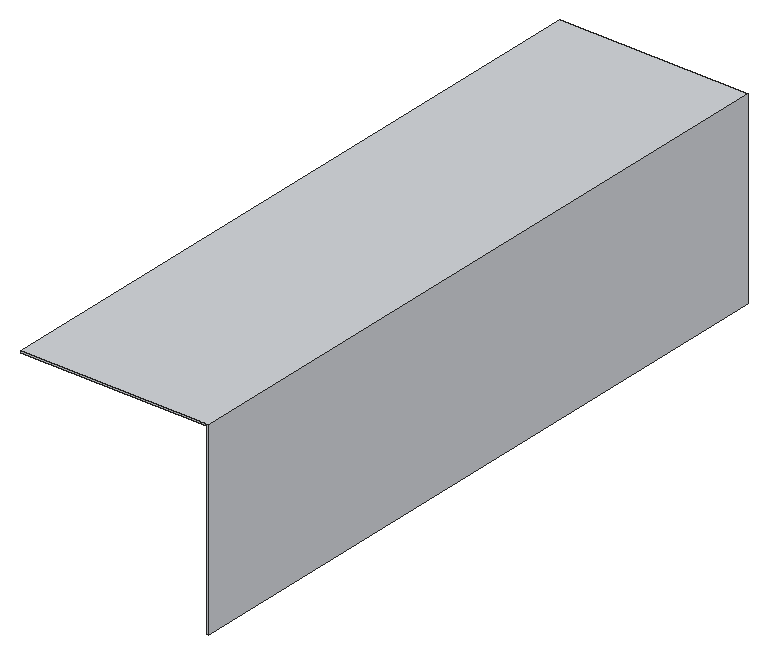
Revit family "KEUCO_14946000110", category Allgemeines Modell, Revit 2016
Family settings
  Teiletyp = Normal
  Kann Basisbauteil für Bewehrung sein = Nein
  Bemaßung runder Anschluss = Durchmesser verwenden
  Arbeitsebenenbasiert = Ja
  Immer vertikal = Nein
  Beim Laden mit Abzugskörper schneiden = Nein
  Gemeinsam genutzt = Nein
  Raumberechnungspunkt = Nein
Parameters (values of type "14946000120")
  Verwendung = "DU / WA"  # constant formula
  URL = "https://www.keuco.com/de/produkte/sortiment/artikel/?pid=14946&oid=7&pgo=37&country=de&lang=de&vid=14946000120"
  Typenbild = <Keine Auswahl>
  Preisgruppe = ""
  Max. Länge [instance] = if(Längetyp = 1, 1400 mm, if(Längetyp = 2, 1800 mm, if(Längetyp = 3, 2000 mm, if(Längetyp = 4, 3000 mm, 1400 mm))))  # 1800 mm
  Materialien bei Hersteller anfragen = "Anfrage zu:  objektmanagement@keuco.de"
  Länge-A [instance] = 500 mm
  Länge-B [instance] = 500 mm
  Längetyp = 2
  Kategorie = ""
  Höhe = 1800 mm  # constant formula
  Volle Länge [instance] = if([Länge-B] + [Länge-A] < Max. Länge, [Länge-B] + [Länge-A], Max. Länge)  # 1000 mm
  Gewicht = 0
  Beschreibung = "100% Polyester, 75 g/m², seitlich gesäumt,\r\nVerstärkungsband für Edelstahlösen\r\nAbstand der Ösen ca. 20 cm\r\nEdelstahl-Rollsaum auf rechts genäht, per Meter 50 g\r\nduschdicht, fungizid, antibakteriell\r\nbei 30 °C waschbar, Einlaufquote 3%\r\nkomplett mit Vorhangringen weiß"
  Vorgabe-Ansicht = 1800 mm
  Serie = "Plan"  # constant formula
  Material = Weiß (RAL 9010)
  Hersteller = "KEUCO"  # constant formula
  Assembly Code = ""
  Ausschreibungstext = "KEUCO PLAN Duschvorhang maxxi, 1800 x 1800 mm, 14946000120 \r\n100 % Polyester, 75g/m²\r\nseitlich gesäumt, Verstärkungsband für Edelstahlösen\r\nAbstand der Ösen ca. 20 cm\r\nEdelstahl-Rollsaum auf rechts genäht, per Meter 50 g\r\nduschdicht, fungizid, antibakteriell\r\nbei 30 Grad waschbar, Einlaufquote 3%\r\nkomplett mit Vorhangringen, weiß\r\n\r\nHinweis zu den Maßen:\r\nBei den angegebenen Maßen handelt es sich um fertige Vorhangmaße.\r\nDamit der Vorhang nicht im Wannenboden \r\noder auf dem Fußboden aufliegt, empfehlen wir: \r\nAbstand vom Duschvorhang zum Boden ca. 30 mm.\r\nAbstand zwischen Stangenmitte und Oberkante Duschvorhang ca. 40 mm.\r\n\r\nDie Vorhangbreite sollte ca. das 1,3 bis 1,5-fache \r\nder Vorhangstangenlänge betragen."
  Artikelnummer = "14946000120"
Types (4, lengths in mm): name | URL | Max. Länge | Materialien bei Hersteller anfragen | Längetyp | Ausschreibungstext | Artikelnummer
  14946000110 | "https://www.keuco.com/de/produkte/sortiment/artikel/?pid=14946&oid=7&pgo=37&country=de&lang=de&vid=14946000110" | 1400 | "Request to:  objektmanagement@keuco.de" | 1 | "KEUCO PLAN Duschvorhang maxxi, 1400 x 1800 mm, 14946000110\r\n100 % Polyester, 75g/m²\r\nseitlich gesäumt, Verstärkungsband für Edelstahlösen\r\nAbstand der Ösen ca. 20 cm\r\nEdelstahl-Rollsaum auf rechts genäht, per Meter 50 g\r\nduschdicht, fungizid, antibakteriell\r\nbei 30 Grad waschbar, Einlaufquote 3%\r\nkomplett mit Vorhangringen, weiß\r\n\r\nHinweis zu den Maßen:\r\nBei den angegebenen Maßen handelt es sich um fertige Vorhangmaße.\r\nDamit der Vorhang nicht im Wannenboden \r\noder auf dem Fußboden aufliegt, empfehlen wir: \r\nAbstand vom Duschvorhang zum Boden ca. 30 mm.\r\nAbstand zwischen Stangenmitte und Oberkante Duschvorhang ca. 40 mm.\r\n\r\nDie Vorhangbreite sollte ca. das 1,3 bis 1,5-fache \r\nder Vorhangstangenlänge betragen." | "14946000110"
  14946000120 | "https://www.keuco.com/de/produkte/sortiment/artikel/?pid=14946&oid=7&pgo=37&country=de&lang=de&vid=14946000120" | 1800 | "Anfrage zu:  objektmanagement@keuco.de" | 2 | "KEUCO PLAN Duschvorhang maxxi, 1800 x 1800 mm, 14946000120 \r\n100 % Polyester, 75g/m²\r\nseitlich gesäumt, Verstärkungsband für Edelstahlösen\r\nAbstand der Ösen ca. 20 cm\r\nEdelstahl-Rollsaum auf rechts genäht, per Meter 50 g\r\nduschdicht, fungizid, antibakteriell\r\nbei 30 Grad waschbar, Einlaufquote 3%\r\nkomplett mit Vorhangringen, weiß\r\n\r\nHinweis zu den Maßen:\r\nBei den angegebenen Maßen handelt es sich um fertige Vorhangmaße.\r\nDamit der Vorhang nicht im Wannenboden \r\noder auf dem Fußboden aufliegt, empfehlen wir: \r\nAbstand vom Duschvorhang zum Boden ca. 30 mm.\r\nAbstand zwischen Stangenmitte und Oberkante Duschvorhang ca. 40 mm.\r\n\r\nDie Vorhangbreite sollte ca. das 1,3 bis 1,5-fache \r\nder Vorhangstangenlänge betragen." | "14946000120"
  14946000130 | "https://www.keuco.com/de/produkte/sortiment/artikel/?pid=14946&oid=7&pgo=37&country=de&lang=de&vid=14946000130" | 2000 | "Request to:  objektmanagement@keuco.de" | 3 | "KEUCO PLAN Duschvorhang maxxi, 2000 x 1800 mm, 14946000130\r\n100 % Polyester, 75g/m²\r\nseitlich gesäumt, Verstärkungsband für Edelstahlösen\r\nAbstand der Ösen ca. 20 cm\r\nEdelstahl-Rollsaum auf rechts genäht, per Meter 50 g\r\nduschdicht, fungizid, antibakteriell\r\nbei 30 Grad waschbar, Einlaufquote 3%\r\nkomplett mit Vorhangringen, weiß\r\n\r\nHinweis zu den Maßen:\r\nBei den angegebenen Maßen handelt es sich um fertige Vorhangmaße.\r\nDamit der Vorhang nicht im Wannenboden \r\noder auf dem Fußboden aufliegt, empfehlen wir: \r\nAbstand vom Duschvorhang zum Boden ca. 30 mm.\r\nAbstand zwischen Stangenmitte und Oberkante Duschvorhang ca. 40 mm.\r\n\r\nDie Vorhangbreite sollte ca. das 1,3 bis 1,5-fache \r\nder Vorhangstangenlänge betragen." | "14946000130"
  14946000140 | "https://www.keuco.com/de/produkte/sortiment/artikel/?pid=14946&oid=7&pgo=37&country=de&lang=de&vid=14946000140" | 3000 | "Request to:  objektmanagement@keuco.de" | 4 | "KEUCO PLAN Duschvorhang maxxi, 3000 x 1800 mm, 14946000140\r\n100 % Polyester, 75g/m²\r\nseitlich gesäumt, Verstärkungsband für Edelstahlösen\r\nAbstand der Ösen ca. 20 cm\r\nEdelstahl-Rollsaum auf rechts genäht, per Meter 50 g\r\nduschdicht, fungizid, antibakteriell\r\nbei 30 Grad waschbar, Einlaufquote 3%\r\nkomplett mit Vorhangringen, weiß\r\n\r\nHinweis zu den Maßen:\r\nBei den angegebenen Maßen handelt es sich um fertige Vorhangmaße.\r\nDamit der Vorhang nicht im Wannenboden \r\noder auf dem Fußboden aufliegt, empfehlen wir: \r\nAbstand vom Duschvorhang zum Boden ca. 30 mm.\r\nAbstand zwischen Stangenmitte und Oberkante Duschvorhang ca. 40 mm.\r\n\r\nDie Vorhangbreite sollte ca. das 1,3 bis 1,5-fache \r\nder Vorhangstangenlänge betragen." | "14946000140"
Reference planes
  plane 1 "Center (Front/Back)": y = 0
  plane 2: z = 0
  plane 3 "Center (Left/Right)": x = 0
  plane 4: x = -500
  plane 5: x = -2
  plane 6: x = 2
  plane 7: y = -1800
  plane 8: z = 500
Forms (mm)
  Sweep 1, solid
    path origin (0, 0, 1166.544) x (0, 0, 1) y (-1, 0, 0)
      loop
        line (-1166.544, 0) -> (-666.544, 0) -> (-666.544, 500)
    profile origin (0, 0, 250) x (-1, 0, 0) y (0, -1, 0)
      loop
        line (-2, 0) -> (2, 0) -> (2, 1800) -> (-2, 1800) -> (-2, 0)
Dimensions and locks
  locked: plane 5 to plane 6 at 4
  "Höhe": plane 7 to plane 1 "Center (Front/Back)"
  "Länge-B": plane 3 "Center (Left/Right)" to plane 4
  "Länge-A": plane 8 to plane 2
  aligned and locked: level to plane 2
  aligned and locked: plane 6 to Sweep 1 sketch curve
  aligned and locked: profile plane to Sweep 1 sketch curve
  aligned and locked: Sweep 1 sketch curve to plane 5
  aligned and locked: Sweep 1 sketch curve to plane 7
  aligned and locked: plane 4 to Sweep 1 sketch curve
  aligned and locked: plane 2 to Sweep 1 sketch curve
  aligned and locked: plane 8 to Sweep 1 sketch curve
  aligned and locked: plane 3 "Center (Left/Right)" to Sweep 1 sketch curve
